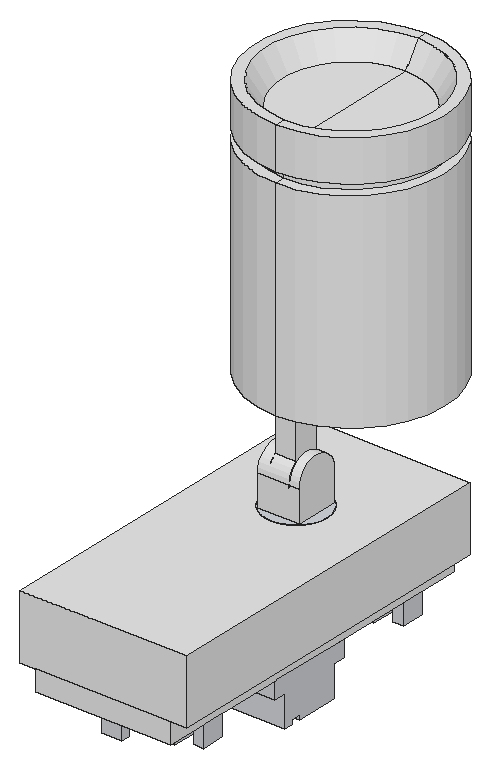
Revit family "63_PHILIPS_StyliD_Evo_Compact_Maxos_fusion_ST770S_3D", category Lighting Fixtures, host Face, Revit 2016
Family settings
  Host = Face
  Part Type = Normal
  Round Connector Dimension = Use Diameter
  Cut with Voids When Loaded = No
  Light Source = No
  Shared = No
  Room Calculation Point = No
Parameters (values of type "Type catalog")
  Voltage (V) = ""
  Visibility 2D symbol [instance] = not(Visibility 2D outline)  # yes
  Visibility 2D outline [instance] = no
  Visibility 2D driver [instance] = no
  Rotation XZ = 0.00°
  Rotation XY = 90.00°
  Product catalog - URL = "PRODUCT URL"
  Order code = "ORDER CODE"
  Offset = 1 mm
  Length = 146 mm
  Last IES update = "DATE"
  Height = 275 mm
  Fixture code = "FIXTURE CODE"
  ETIM code URL = "https://prod.etim-international.com/Class/Details?classId=EC001744&classVersion=7"
  ETIM code = "EC001744"
  EOC = "EOC CODE"
  Diameter = 90 mm
  Content version = "1.0"
  Content modified date = "DATE"
  Content creation date = "28-03-2019"
  Constraint XZ = if(Rotation XZ < 0.00°, 0.00°, if(Rotation XZ > 355.00°, 355.00°, Rotation XZ))  # 0.00°
  Constraint XY = if(Rotation XY < 15.00°, 15.00°, if(Rotation XY > 140.00°, 140.00°, Rotation XY))  # 90.00°
  Connector width = 80 mm
  Wattage Comments = ""
  URL = "http://www.lighting.philips.com/home"
  Type Comments = "Track Mount"
  Model = "ST770S"
  Manufacturer = "Philips"
  Light loss factor = ""
  Lamp = ""
  Initial luminous flux (lm) = ""
  Init. Corr. Color Temperature (K) = ""
  Description = "StyliD"
  Default Elevation = 0 mm
  Content Creator = "https://www.cadac.com/bimcontent"
  Connector height = 54 mm
  Conector length = 190 mm
  BIM Library - URL = "http://www.lighting.philips.com/main/support/support/revit-library#page=1"
  Assembly Code = ""
  Armatuurcode [instance] = ""
  Apparent Load = 0 VA
  12NC = "12NC CODE"
Reference planes
  plane 1 "Center (Front/Back)": y = 0
  plane 2: z = 0
  plane 3 "Center (Left/Right)": x = 0
  plane 4 "Cadac Group AEC": y = 15
  plane 5: z = 191
  plane 6: z = -53
  plane 7: z = 1
  plane 8: x = -40
  plane 9: y = -175
  plane 10: y = -49.5
  plane 11: x = 40
  plane 12: z = 125.635
  plane 13: z = 42
Lines and regions (mm)
  reference lines
    curve 1: line (0, -49.5, 42) -> (0, -230.226, 42)
Dimensions and locks
  "Connector height": plane 6 to plane 7
  equal spacing: plane 8, plane 3 "Center (Left/Right)", plane 11
  "Connector width": plane 8 to plane 11
  "Offset": plane 2 to plane 7
  "Conector length": plane 7 to plane 5
  plane 9 to plane 1 "Center (Front/Back)" = 175 mm
  locked: plane 10 to curve 1 at 0
  locked: plane 3 "Center (Left/Right)" to curve 1
  "Constraint XZ": angle curve 1 to plane 3 "Center (Left/Right)"
  aligned and locked: plane 2 to host face
  aligned and locked: level to host face
Automatic sketch dimensions
  host sketch curve to host sketch curve = 727.065 mm
  host sketch curve to host sketch curve = 619.519 mm
Nested families
  nested 1: "63_PHILIPS_Trackmount_Compact" at (0, -80, 1), type "geometry"
  nested 2: "63_PHILIPS_Spot_StyliD" at (0, -49.5, 42) x (0, -1, 0) z (0, 0, -1), rotation angle ZX <- "Constraint XY", type "Spot"
    with rotation angle ZX 90.00°
  nested 3: "2D-PL-Rechthoekig" at (0, -70, 0) x (0, 1, 0) z (0, 0, 1), Width <- "Connector width", lengte <- "Conector length", visible <- "Visibility 2D outline", type "2D symbool"
    with lengte 190 mm, Width 80 mm
  nested 4: "2D-PL-Rond + symbool + peil" at (0, -16.5, 0) x (-1, 0, 0) z (0, 0, 1), Diameters <- "Diameter", Rotation XY <- "Constraint XZ", visible <- "Visibility 2D symbol", type "2D symbool"
    with radius 45 mm, Rotation XY 0.00°, Diameters 90 mm
  nested 5: "2D-PL-peil" at (0, -16.5, 0) x (0, 1, 0) z (0, 0, 1), type "2D symbool"
  nested 6: "2D-PL-Driver" at (0, -13, 0), visible <- "Visibility 2D driver", type "2D symbool"
Connectors
  electrical at (0, -80, 1), driven by "Apparent Load"
    settings: on nested 1, index 1, voltage 0 V, apparent load 0 VA, apparent load phase1 0 VA, apparent load phase2 0 VA, apparent load phase3 0 VA, power factor 1, load classification "Other", number of poles 1, system type 31, power factor state 1, is connector primary yes, connector utility no, sub classification motor no, connector description ""
Definition of nested family "63_PHILIPS_Trackmount_Compact"
  Parameters (values of type "geometry")
    width = 80 mm
    light source = 2 mm
    length = 170 mm
    height = 10 mm
    algemeen_leverancier = ""
    algemeen_code = ""
    algemeen_URL = ""
    Type Comments = ""
    Model = ""
    Manufacturer = "Philips"
    Diameter pole = 30 mm
    Lamp = ""
    Description = ""
  Reference planes
    plane 1 "Center (Front/Back)": y = 0
    plane 2: z = 41
    plane 3 "Center (Left/Right)": x = 0
    plane 4 "Blend 4": z = 0
    plane 5: x = -40
    plane 6: x = 40
    plane 7: y = 85
    plane 8: y = -85
    plane 9: z = 10
    plane 10: z = 10
    plane 11: x = -32.5
    plane 12: x = 32.5
    plane 13: y = 80
    plane 14: y = -80
  Forms (mm)
    Extrusion 1, solid
      sketch origin (0, 0, -197) x (0, 1, 0) y (-1, 0, 0)
        loop
          line (-85, 40) -> (-85, -40) -> (85, -40) -> (85, 40) -> (-85, 40)
      from 238 to 207
    Extrusion 2, solid
      sketch origin (0, 0, 10) x (0, 1, 0) y (-1, 0, 0)
        loop
          line (85, 32.5) -> (-85, 32.5) -> (-85, -32.5) -> (85, -32.5) -> (85, 32.5)
      from 0 to -10
    Extrusion 3, void
      sketch origin (0, 0, 0) x (1, 0, 0) y (0, 1, 0)
        loop
          circle (0, 30.5) r 15
      from 36 to 41
    Extrusion 4, solid
      sketch origin (0, -141.797, 0) x (0, 1, 0) y (0, 0, 1)
        loop
          line (61.797, 0) -> (61.797, -10) -> (65.797, -10) -> (65.797, -2) -> (71.398, -10) -> (84.398, -10) -> (92.398, -10) -> (98, -2) -> (98, -10) -> (102, -10) -> (102, 0) -> (61.797, 0)
      from 32.5 to -32.5
    Extrusion 5, solid
      sketch origin (0, -20.297, 0) x (0, 1, 0) y (0, 0, 1)
        loop
          line (38.797, 0) -> (-2.203, 0) -> (-2.203, -8) -> (3.797, -8) -> (3.797, -23) -> (7.797, -23) -> (7.797, -21) -> (12.797, -21) -> (12.797, -23) -> (32.797, -23) -> (32.797, -8) -> (38.797, -8) -> (38.797, 0)
      from 32.5 to -32.5
    Extrusion 6, void
      sketch origin (0, 0, 0) x (1, 0, 0) y (0, 1, 0)
        loop
          line (-32.5, -39.797) -> (-32.5, -54.397) -> (-22.5, -54.397) -> (-22.5, -49.398) -> (-5, -49.398) -> (-5, -39.797) -> (-22.5, -39.797) -> (-32.5, -39.797)
        loop
          line (-32.5, -65.4) -> (-32.5, -80) -> (-22.5, -80) -> (-5, -80) -> (-5, -70.398) -> (-22.5, -70.398) -> (-22.5, -65.4) -> (-32.5, -65.4)
        loop
          line (22.5, -65.4) -> (22.5, -70.398) -> (5, -70.398) -> (5, -80) -> (22.5, -80) -> (32.5, -80) -> (32.5, -65.4) -> (22.5, -65.4)
        loop
          line (22.5, -39.797) -> (5, -39.797) -> (5, -49.398) -> (22.5, -49.398) -> (22.5, -54.397) -> (32.5, -54.397) -> (32.5, -39.797) -> (22.5, -39.797)
      from 0 to -23
    Extrusion 7, void
      sketch origin (0, 0, 0) x (1, 0, 0) y (0, 1, 0)
        loop
          line (-22.5, -49.398) -> (-27.5, -49.398) -> (-27.5, -70.398) -> (-22.5, -70.398) -> (-22.5, -49.398)
        loop
          line (27.5, -49.398) -> (22.5, -49.398) -> (22.5, -70.398) -> (27.5, -70.398) -> (27.5, -49.398)
      from -2 to -23
    Extrusion 8, solid
      sketch origin (0, -22, 0) x (0, 1, 0) y (0, 0, 1)
        loop
          line (61.797, 0) -> (61.797, -10) -> (65.797, -10) -> (65.797, -2) -> (71.398, -10) -> (84.398, -10) -> (92.398, -10) -> (98, -2) -> (98, -10) -> (102, -10) -> (102, 0) -> (61.797, 0)
      from 32.5 to -32.5
    Extrusion 9, void
      sketch origin (0, 119.797, 0) x (1, 0, 0) y (0, 1, 0)
        loop
          line (-32.5, -39.797) -> (-32.5, -54.397) -> (-22.5, -54.397) -> (-22.5, -49.398) -> (-5, -49.398) -> (-5, -39.797) -> (-22.5, -39.797) -> (-32.5, -39.797)
        loop
          line (-32.5, -65.4) -> (-32.5, -80) -> (-22.5, -80) -> (-5, -80) -> (-5, -70.398) -> (-22.5, -70.398) -> (-22.5, -65.4) -> (-32.5, -65.4)
        loop
          line (22.5, -65.4) -> (22.5, -70.398) -> (5, -70.398) -> (5, -80) -> (22.5, -80) -> (32.5, -80) -> (32.5, -65.4) -> (22.5, -65.4)
        loop
          line (22.5, -39.797) -> (5, -39.797) -> (5, -49.398) -> (22.5, -49.398) -> (22.5, -54.397) -> (32.5, -54.397) -> (32.5, -39.797) -> (22.5, -39.797)
      from 0 to -23
    Extrusion 10, void
      sketch origin (0, 124.797, 0) x (1, 0, 0) y (0, 1, 0)
        loop
          line (-22.5, -49.398) -> (-27.5, -49.398) -> (-27.5, -70.398) -> (-22.5, -70.398) -> (-22.5, -49.398)
        loop
          line (27.5, -49.398) -> (22.5, -49.398) -> (22.5, -70.398) -> (27.5, -70.398) -> (27.5, -49.398)
      from -2 to -23
  Cuts and joins
    Extrusion 3, Extrusion 6, Extrusion 7 cuts Extrusion 1
    Extrusion 3, Extrusion 6, Extrusion 7, Extrusion 9 cuts Extrusion 2
    Extrusion 6, Extrusion 7, Extrusion 9, Extrusion 10 cuts Extrusion 4
    Extrusion 9, Extrusion 10 cuts Extrusion 8
  Dimensions and locks
    "height": plane 9 to level
    equal spacing: plane 7, plane 1 "Center (Front/Back)", plane 8
    "length": plane 7 to plane 8
    equal spacing: plane 5, plane 3 "Center (Left/Right)", plane 6
    "width": plane 5 to plane 6
    locked: plane 5 to plane 11 at 7.5
    locked: plane 12 to plane 6 at 7.5
    plane 2 to plane 9 = 31 mm
    aligned and locked: plane 8 to Extrusion 1 sketch curve
    aligned and locked: plane 5 to Extrusion 1 sketch curve
    aligned and locked: Extrusion 1 sketch curve to plane 6
    aligned and locked: plane 9 to Extrusion 2
    aligned and locked: Extrusion 3 to plane 2
    aligned and locked: plane 9 to cut or joined group of Extrusion 1, Extrusion 3, Extrusion 6, Extrusion 7
    aligned and locked: cut or joined group of Extrusion 1, Extrusion 3, Extrusion 6, Extrusion 7 to plane 2
    aligned and locked: plane 8 to cut or joined group of Extrusion 2, Extrusion 3, Extrusion 6, Extrusion 7, Extrusion 9
    aligned and locked: cut or joined group of Extrusion 2, Extrusion 3, Extrusion 6, Extrusion 7, Extrusion 9 to plane 7
    aligned and locked: cut or joined group of Extrusion 1, Extrusion 3, Extrusion 6, Extrusion 7 to plane 7
    aligned and locked: Extrusion 2 to plane 11
    aligned and locked: Extrusion 2 to plane 12
  Automatic sketch dimensions
    plane 7 to Extrusion 1 sketch curve = 0 mm
    Extrusion 2 sketch curve to Extrusion 1 = 0 mm
    Extrusion 1 to Extrusion 2 sketch curve = 0 mm
    Extrusion 1 to Extrusion 2 sketch curve = 7.5 mm  (x2)
    Extrusion 3 sketch curve to plane 3 "Center (Left/Right)" = 0 mm
    Extrusion 3 sketch curve to plane 1 "Center (Front/Back)" = 30.5 mm
    Extrusion 4 sketch curve to level = 0 mm
    Extrusion 4 sketch curve to plane 14 = 0 mm
    plane 14 to Extrusion 4 sketch curve = 4 mm
    Extrusion 4 sketch curve to Extrusion 4 sketch curve = 5.602 mm  (x2)
    Extrusion 4 sketch curve to Extrusion 4 sketch curve = 13 mm
    Extrusion 4 sketch curve to Extrusion 4 sketch curve = 8 mm  (x2)
    Extrusion 4 sketch curve to level = 2 mm  (x2)
    Extrusion 4 sketch curve to Extrusion 4 sketch curve = 4 mm
    Extrusion 4 sketch curve to level = 10 mm
    Extrusion 4 sketch curve to Extrusion 4 sketch curve = 0 mm
    Extrusion 6 sketch curve to plane 11 = 0 mm  (x2)
    Extrusion 6 sketch curve to plane 14 = 0 mm  (x2)
    Extrusion 6 sketch curve to plane 12 = 0 mm  (x2)
    Extrusion 6 sketch curve to Extrusion 6 sketch curve = 10 mm  (x4)
    Extrusion 6 sketch curve to Extrusion 6 sketch curve = 0 mm  (x4)
    Extrusion 6 sketch curve to plane 3 "Center (Left/Right)" = 5 mm  (x2)
    plane 3 "Center (Left/Right)" to Extrusion 6 sketch curve = 5 mm  (x2)
    Extrusion 6 sketch curve to Extrusion 6 sketch curve = 9.602 mm  (x3)
    plane 14 to Extrusion 6 sketch curve = 9.602 mm
    Extrusion 6 sketch curve to Extrusion 6 sketch curve = 4.998 mm  (x4)
    Extrusion 6 sketch curve to Extrusion 6 sketch curve = 11.003 mm  (x2)
    plane 11 to Extrusion 7 sketch curve = 5 mm
    Extrusion 7 sketch curve to Extrusion 7 sketch curve = 5 mm  (x2)
    plane 12 to Extrusion 7 sketch curve = 10 mm
    plane 14 to Extrusion 7 sketch curve = 9.602 mm  (x2)
    Extrusion 7 sketch curve to Extrusion 7 sketch curve = 21 mm  (x2)
    Extrusion 8 sketch curve to level = 0 mm
    plane 7 to Extrusion 8 sketch curve = 5 mm
    Extrusion 8 sketch curve to plane 13 = 4 mm
    Extrusion 8 sketch curve to plane 13 = 9.602 mm
    Extrusion 8 sketch curve to Extrusion 8 sketch curve = 8 mm  (x2)
    Extrusion 8 sketch curve to Extrusion 8 sketch curve = 13 mm
    Extrusion 8 sketch curve to Extrusion 8 sketch curve = 5.602 mm
    Extrusion 8 sketch curve to Extrusion 8 sketch curve = 4 mm
    Extrusion 8 sketch curve to level = 2 mm  (x2)
    Extrusion 8 sketch curve to level = 10 mm
    Extrusion 8 sketch curve to Extrusion 8 sketch curve = 0 mm
    plane 7 to Extrusion 9 sketch curve = 5 mm  (x2)
    Extrusion 9 sketch curve to plane 11 = 0 mm  (x2)
    Extrusion 9 sketch curve to plane 12 = 0 mm  (x2)
    Extrusion 9 sketch curve to Extrusion 9 sketch curve = 10 mm  (x4)
    Extrusion 9 sketch curve to Extrusion 9 sketch curve = 0 mm  (x4)
    Extrusion 9 sketch curve to plane 3 "Center (Left/Right)" = 5 mm  (x2)
    plane 3 "Center (Left/Right)" to Extrusion 9 sketch curve = 5 mm  (x2)
    Extrusion 9 sketch curve to plane 13 = 9.602 mm  (x2)
    Extrusion 9 sketch curve to plane 13 = 14.6 mm  (x2)
    Extrusion 9 sketch curve to Extrusion 9 sketch curve = 11.003 mm  (x2)
    Extrusion 9 sketch curve to Extrusion 9 sketch curve = 4.998 mm  (x2)
    Extrusion 9 sketch curve to Extrusion 9 sketch curve = 9.602 mm  (x2)
    plane 11 to Extrusion 10 sketch curve = 5 mm
    Extrusion 10 sketch curve to Extrusion 10 sketch curve = 5 mm  (x2)
    plane 12 to Extrusion 10 sketch curve = 10 mm
    Extrusion 10 sketch curve to plane 13 = 25.602 mm  (x2)
    Extrusion 10 sketch curve to plane 13 = 4.602 mm  (x2)
    Extrusion 5 sketch curve to level = 0 mm
    plane 1 "Center (Front/Back)" to Extrusion 5 sketch curve = 22.5 mm
    Extrusion 5 sketch curve to Extrusion 5 sketch curve = 6 mm  (x2)
    plane 1 "Center (Front/Back)" to Extrusion 5 sketch curve = 12.5 mm
    plane 1 "Center (Front/Back)" to Extrusion 5 sketch curve = 7.5 mm
    Extrusion 5 sketch curve to plane 1 "Center (Front/Back)" = 12.5 mm
    Extrusion 5 sketch curve to level = 8 mm  (x2)
    Extrusion 5 sketch curve to Extrusion 5 sketch curve = 13 mm
    Extrusion 5 sketch curve to Extrusion 5 sketch curve = 2 mm  (x2)
    radius of Extrusion 3 sketch curve = 15 mm
Definition of nested family "63_PHILIPS_Spot_StyliD"
  Parameters (values of type "Spot")
    spot offset = 30 mm
    rotation angle ZX [instance] = 90.00°
    height spot top = 55 mm
    height spot middle = 10 mm
    height spot = 125 mm
    Radius = 45 mm
    ceiling thickness = 12.5 mm
    Wattage Comments = ""
    URL = "http://www.ecat.lighting.philips.com/l"
    Type Comments = "surface mounted"
    Model = "XXX RS530B"
    Manufacturer = "Philips"
    Description = "XXX LuxSpace"
    Default Elevation = 2800 mm
    Assembly Code = ""
  Reference planes
    plane 1 "Center (Front/Back)": y = 0
    plane 2: z = 0
    plane 3 "Center (Left/Right)": x = 0
    plane 4 "Cadac Group AEC": y = 0
    plane 5: z = 12.5
    plane 6: z = 12.5
    plane 7: z = -14
    plane 8: z = -50
  Forms (mm)
    Extrusion 1, solid
      sketch origin (0, 0, 0) x (1, 0, 0) y (0, 1, 0)
        loop
          line (-350, 290) -> (-350, -329.519) -> (377.065, -329.519) -> (377.065, 290) -> (-350, 290)
      from 0 to 12.5 <- "ceiling thickness"
    Revolve 2, solid
      sketch origin (0, 0, -14) x (0, 0, -1) y (1, 0, 0)
        loop
          line (30, -33) -> (143.915, -33) -> (143.915, 0) -> (155, 7) -> (155, 12) -> (135, 12) -> (135, 7) -> (130, 7) -> (130, 12) -> (30, 12) -> (30, -33)
        axis (30, -33) -> (155, -33)
      angle from 0 to 360
    Extrusion 3, solid
      sketch origin (0, 0, -55) x (0, 0, -1) y (1, 0, 0)
        loop
          line (-11, -6) -> (-11, 6) -> (-31.642, 6)
          arc (-31.642, 6) -> (-50.288, 0) -> (-31.642, -6) r 10.288
          line (-31.642, -6) -> (-11, -6)
      from -5 to 5
    Extrusion 4, solid
      sketch origin (0, 0, -11) x (-1, 0, 0) y (0, 0, -1)
        loop
          line (-10.381, -11) -> (10.381, -11) -> (10.381, 4)
          arc (10.381, 4) -> (0, 14.381) -> (-10.381, 4) r 10.381
          line (-10.381, 4) -> (-10.381, -11)
      from 10 to -10
    Extrusion 5, solid
      sketch origin (0, 0, 0) x (1, 0, 0) y (0, 1, 0)
        loop
          circle (0, 0) r 15
      from 0 to 5
  Lines and regions (mm)
    reference lines
      curve 1: line (0, 0, -14) -> (0, 0, -144)
      curve 2: line (0, 0, -14) -> (-108, 0, -14)
      curve 3: line (12, 0, -169) -> (-108, 0, -169)
      curve 4: line (-108, 0, -169) -> (-108, 0, -14)
      curve 5: line (12, 0, -44) -> (-108, 0, -44)
      curve 6: line (12, 0, -14) -> (12, 0, -169)
      curve 7: line (-48, 0, -169) -> (-48, 0, -14)
  Dimensions and locks
    "spot offset": curve 2 to curve 5
    curve 1 to curve 6 = 12 mm
    plane 8 to Extrusion 1 = 50 mm
    curve 3 to Revolve 2 sketch curve = 11.085 mm
    Revolve 2 sketch curve to curve 6 = 5 mm
    Revolve 2 sketch curve to Revolve 2 sketch curve = 20 mm
    Revolve 2 sketch curve to Revolve 2 sketch curve = 12 mm
    Revolve 2 sketch curve to Revolve 2 sketch curve = 5 mm
    "height spot": Revolve 2 sketch curve to Revolve 2 sketch curve
    "height spot": curve 3 to curve 5
    "Radius": Revolve 2 sketch curve to Revolve 2 sketch curve
    "rotation angle ZX": angle curve 1 to plane 7
    aligned and locked: plane 2 to Extrusion 1
    aligned and locked: level to Extrusion 1
    aligned and locked: plane 4 "Cadac Group AEC" to plane 1 "Center (Front/Back)"
    aligned and locked: plane 3 "Center (Left/Right)" to curve 1
    aligned and locked: Revolve 2 sketch curve to Revolve 2 sketch curve
    aligned and locked: Revolve 2 sketch curve to curve 3
    aligned and locked: Revolve 2 sketch curve to curve 6  (x2)
  Automatic sketch dimensions
    Extrusion 1 sketch curve to Extrusion 1 sketch curve = 727.065 mm
    Extrusion 1 sketch curve to Extrusion 1 sketch curve = 619.519 mm
    Extrusion 4 sketch curve to level = 0 mm
    plane 7 to Extrusion 4 sketch curve = 1 mm
    Extrusion 4 sketch curve to plane 3 "Center (Left/Right)" = 0 mm
    plane 3 "Center (Left/Right)" to Extrusion 4 sketch curve = 10.381 mm
    plane 1 "Center (Front/Back)" to Extrusion 5 sketch curve = 0 mm
    Extrusion 5 sketch curve to plane 3 "Center (Left/Right)" = 0 mm
    curve 1 to Extrusion 3 sketch curve = 0 mm
    curve 1 to Extrusion 3 sketch curve = 9.358 mm  (x2)
    curve 1 to Extrusion 3 sketch curve = 6 mm
    curve 1 to Extrusion 3 sketch curve = 1 mm
    Extrusion 3 sketch curve to Extrusion 3 sketch curve = 20.642 mm
    curve 1 to plane 7 = 0 mm
    curve 2 to curve 1 = 0 mm  (x2)
    curve 6 to curve 1 = 0 mm
    curve 2 to curve 1 = 108 mm
    curve 7 to curve 1 = 48 mm
    Revolve 2 sketch curve to curve 1 = 0 mm
    Revolve 2 sketch curve to Revolve 2 sketch curve = 5 mm
    Revolve 2 sketch curve to Revolve 2 sketch curve = 12.347 mm
    radius of Extrusion 5 sketch curve = 15 mm
  Connectors
    electrical at (0, 0, 0)
      settings: index 1, voltage 230 V, apparent load 0 VA, apparent load phase1 18 VA, apparent load phase2 0 VA, apparent load phase3 0 VA, power factor 1, load classification none, number of poles 1, system type 31, power factor state 1, is connector primary yes, connector utility no, sub classification motor no, connector description ""
Definition of nested family "2D-PL-Rechthoekig"
  Parameters (values of type "2D symbool")
    lengte [instance] = 1200 mm
    Width [instance] = 100 mm
    Type Comments = "GEEN CALCULATIEOBJECT"
    Manufacturer = ""
    Description = "Armatuur 2D symbool"
    Copyright © Cadac = "www.cadac.com/aec"
    Cadac content versie = ""
    Assembly Code = ""
  Reference planes
    plane 1 "Center (Front/Back)": y = 0
    plane 2: z = 0
    plane 3 "Center (Left/Right)": x = 0
    plane 4: y = 150
    plane 5: y = -150
    plane 6: y = 176.777
    plane 7: x = -176.777
    plane 8: x = 176.777
    plane 9: y = -176.777
    plane 10 "Cadac Group AEC": y = 0
    plane 11: y = 400
    plane 12: y = -191.421
    plane 13: y = -206.066
    plane 14: y = -220.711
    plane 15: y = -235.355
  Lines and regions (mm)
    symbolic lines
      curve 1: line (600, 50, 0) -> (600, -50, 0)
      curve 2: line (-600, 50, 0) -> (-600, -50, 0)
      curve 3: line (-600, 50, 0) -> (600, 50, 0)
      curve 4: line (-600, -50, 0) -> (600, -50, 0)
  Dimensions and locks
    equal spacing: curve 2, plane 3 "Center (Left/Right)", curve 1
    "lengte": curve 2 to curve 1
    equal spacing: plane 5, plane 1 "Center (Front/Back)", plane 4
    locked: plane 4 to plane 5 at 300
    equal spacing: curve 4, plane 1 "Center (Front/Back)", curve 3
    "Width": curve 4 to curve 3
    locked: plane 7 to plane 8 at 353.553
    locked: plane 6 to plane 9 at 353.553
    equal spacing: plane 7, plane 3 "Center (Left/Right)", plane 8
    equal spacing: plane 6, plane 1 "Center (Front/Back)", plane 9
    locked: plane 1 "Center (Front/Back)" to plane 11 at 400
    equal spacing: plane 9, plane 12, plane 13, plane 14, plane 15
    locked: plane 9 to plane 15 at 58.579
    aligned and locked: plane 10 "Cadac Group AEC" to plane 1 "Center (Front/Back)"
Definition of nested family "2D-PL-Rond + symbool + peil"
  Parameters (values of type "2D symbool")
    radius [instance] = Diameters / 2  # 125 mm
    Visibility 2D symbol = yes
    Rotation XY [instance] = 70.00°
    Diameters [instance] = 250 mm
    Description = "Armatuur symbool"
    Copyright © Cadac = "www.cadac.com/aec"
    Cadac content versie = ""
    Assembly Code = ""
  Reference planes
    plane 1 "Center (Front/Back)": y = 0
    plane 2: z = 0
    plane 3 "Center (Left/Right)": x = 0
  Lines and regions (mm)
    symbolic lines
      curve 1: circle (0, 0, 0) r 125 normal (0, 0, 1)
    reference lines
      curve 2: line (0, 0, 0) -> (314.797, 114.577, 0)
  Dimensions and locks
    locked: plane 3 "Center (Left/Right)" to nested 2 at 0
    "Diameters": diameter of curve 1
    "Rotation XY": angle curve 2 to plane 3 "Center (Left/Right)"
    aligned and locked: plane 3 "Center (Left/Right)" to curve 2
    aligned and locked: plane 1 "Center (Front/Back)" to curve 2
    aligned and locked: nested 2 to curve 2
  Automatic sketch dimensions
    plane 1 "Center (Front/Back)" to curve 1 = 0 mm
    curve 1 to plane 3 "Center (Left/Right)" = 0 mm
  Nested families
    nested 1: "PL-opbouwarmatuur plafond rond" at (0, 0, 0), radius cirkel <- "radius", visible <- "Visibility 2D symbol", type "PL lichtpunt"
      with radius cirkel 125 mm, lengte symbool 162.5 mm, l1 140 mm, breedte symbool 150 mm, b1 52.5 mm, Diameters 250 mm
    nested 2: "2D-PL-peil" at (0, 0, 0) x (-0.9397, -0.342, 0) z (0, 0, 1), visible <- "Visibility 2D symbol", type "2D symbool"
  Definition of nested family "PL-opbouwarmatuur plafond rond"
    Parameters (values of type "PL lichtpunt")
      radius cirkel [instance] = 200 mm
      lengte symbool [instance] = 162.5 mm
      l1 [instance] = 140 mm
      breedte symbool [instance] = radius cirkel + 25 mm  # 225 mm
      b1 [instance] = 52.5 mm
      Diameters = 74 mm
      Description = "PL lichtpunt"
      Copyright © Cadac = "www.cadac.com/aec"
      Cadac content versie = "4.0"  # constant formula
      Assembly Code = ""
    Reference planes
      plane 1 "Center (Front/Back)": y = 0
      plane 2: z = 0
      plane 3 "Center (Left/Right)": x = 0
      plane 4: y = 112.5
      plane 5: y = -112.5
    Lines and regions (mm)
      symbolic lines
        curve 1: circle (0, 0, 0) r 200 normal (0, 0, 1)
        curve 2: line (-165.359, 112.5, 0) -> (165.359, -112.5, 0)
        curve 3: line (-165.359, -112.5, 0) -> (165.359, 112.5, 0)
    Dimensions and locks
      equal spacing: plane 4, plane 1 "Center (Front/Back)", plane 5
      "breedte symbool": plane 4 to plane 5
      "radius cirkel": radius of curve 1
      aligned and locked: plane 4 to curve 2
      aligned and locked: plane 4 to curve 3
      aligned and locked: plane 5 to curve 3
      aligned and locked: plane 5 to curve 2
    Automatic sketch dimensions
      plane 1 "Center (Front/Back)" to curve 1 = 0 mm
      curve 1 to plane 3 "Center (Left/Right)" = 0 mm
  Definition of nested family "2D-PL-peil"
    Parameters (values of type "2D symbool")
      lengte = 200 mm
      Type Comments = "GEEN CALCULATIEOBJECT"
      Peil lengte = 100 mm
      Manufacturer = ""
      Description = "Armatuur 2D symbool"
      Default Elevation = 1219.2 mm
      Copyright © Cadac = "www.cadac.com/aec"
      Cadac content versie = ""
      Assembly Code = ""
    Reference planes
      plane 1 "Center (Front/Back)": y = 0
      plane 2: z = 0
      plane 3 "Center (Left/Right)": x = 0
      plane 4: y = 150
      plane 5: y = -150
      plane 6: y = 176.777
      plane 7: x = -176.777
      plane 8: x = 176.777
      plane 9: y = -176.777
      plane 10: y = 400
      plane 11: y = -191.421
      plane 12: y = -206.066
      plane 13: y = -220.711
      plane 14: y = -235.355
    Lines and regions (mm)
      symbolic lines
        curve 1: line (-200, 0, 0) -> (0, 0, 0)
        curve 2: line (-200, 0, 0) -> (-121.849, 62.389, 0)
        curve 3: line (-200, 0, 0) -> (-121.849, -62.389, 0)
      reference lines
        curve 4: line (100, -50, 0) -> (-245, -50, 0)
    Dimensions and locks
      equal spacing: plane 5, plane 1 "Center (Front/Back)", plane 4
      locked: plane 4 to plane 5 at 300
      locked: plane 7 to plane 8 at 353.553
      locked: plane 6 to plane 9 at 353.553
      equal spacing: plane 7, plane 3 "Center (Left/Right)", plane 8
      equal spacing: plane 6, plane 1 "Center (Front/Back)", plane 9
      locked: plane 1 "Center (Front/Back)" to plane 10 at 400
      equal spacing: plane 9, plane 11, plane 12, plane 13, plane 14
      locked: plane 9 to plane 14 at 58.579
      "lengte": curve 1 to curve 1
      "Peil lengte": curve 2 to curve 2
      "Peil lengte": curve 3 to curve 3
    Automatic sketch dimensions
      curve 4 to plane 7 = 68.223 mm
      plane 1 "Center (Front/Back)" to curve 4 = 50 mm
      curve 4 to plane 8 = 76.777 mm
      plane 1 "Center (Front/Back)" to curve 3 = 0 mm
      curve 1 to plane 3 "Center (Left/Right)" = 0 mm
      plane 7 to curve 2 = 54.928 mm
      plane 7 to curve 3 = 54.928 mm
Definition of nested family "2D-PL-peil"
  Parameters (values of type "2D symbool")
    lengte = 200 mm
    Type Comments = "GEEN CALCULATIEOBJECT"
    Peil lengte = 100 mm
    Manufacturer = ""
    Description = "Armatuur 2D symbool"
    Default Elevation = 1219.2 mm
    Copyright © Cadac = "www.cadac.com/aec"
    Cadac content versie = ""
    Assembly Code = ""
  Reference planes
    plane 1 "Center (Front/Back)": y = 0
    plane 2: z = 0
    plane 3 "Center (Left/Right)": x = 0
    plane 4: y = 150
    plane 5: y = -150
    plane 6: y = 176.777
    plane 7: x = -176.777
    plane 8: x = 176.777
    plane 9: y = -176.777
    plane 10: y = 400
    plane 11: y = -191.421
    plane 12: y = -206.066
    plane 13: y = -220.711
    plane 14: y = -235.355
  Lines and regions (mm)
    symbolic lines
      curve 1: line (-200, 0, 0) -> (0, 0, 0)
      curve 2: line (-200, 0, 0) -> (-121.849, 62.389, 0)
      curve 3: line (-200, 0, 0) -> (-121.849, -62.389, 0)
    reference lines
      curve 4: line (100, -50, 0) -> (-245, -50, 0)
  Dimensions and locks
    equal spacing: plane 5, plane 1 "Center (Front/Back)", plane 4
    locked: plane 4 to plane 5 at 300
    locked: plane 7 to plane 8 at 353.553
    locked: plane 6 to plane 9 at 353.553
    equal spacing: plane 7, plane 3 "Center (Left/Right)", plane 8
    equal spacing: plane 6, plane 1 "Center (Front/Back)", plane 9
    locked: plane 1 "Center (Front/Back)" to plane 10 at 400
    equal spacing: plane 9, plane 11, plane 12, plane 13, plane 14
    locked: plane 9 to plane 14 at 58.579
    "lengte": curve 1 to curve 1
    "Peil lengte": curve 2 to curve 2
    "Peil lengte": curve 3 to curve 3
  Automatic sketch dimensions
    curve 4 to plane 7 = 68.223 mm
    plane 1 "Center (Front/Back)" to curve 4 = 50 mm
    curve 4 to plane 8 = 76.777 mm
    plane 1 "Center (Front/Back)" to curve 3 = 0 mm
    curve 1 to plane 3 "Center (Left/Right)" = 0 mm
    plane 7 to curve 2 = 54.928 mm
    plane 7 to curve 3 = 54.928 mm
Definition of nested family "2D-PL-Driver"
  Parameters (values of type "2D symbool")
    Description = "Armatuur symbool"
    Copyright © Cadac = "www.cadac.com/aec"
    Cadac content versie = ""
    Assembly Code = ""
  Reference planes
    plane 1 "Center (Front/Back)": y = 0
    plane 2: z = 0
    plane 3 "Center (Left/Right)": x = 0
  Lines and regions (mm)
    model lines
      curve 1: line (-12.5, -19.5, 0) -> (-12.5, 19.5, 0)
      curve 2: line (12.5, 19.5, 0) -> (12.5, -19.5, 0)
      curve 3: arc (-12.5, 19.5, 0) -> (0, 27.5, 0) -> (12.5, 19.5, 0) r 13.766
      curve 4: arc (-12.5, -19.5, 0) -> (0, -27.5, 0) -> (12.5, -19.5, 0) r 13.766
